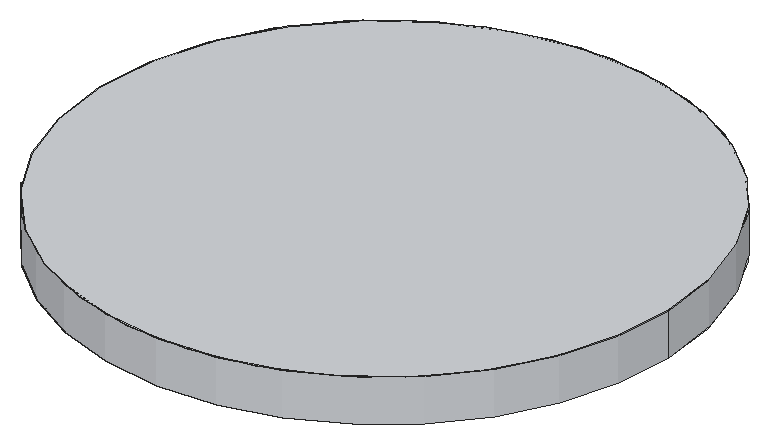
Revit family "FK072-40x3-Z", category Furniture, Revit 2019
Family settings
  OmniClass Number = 23.40.20.00
  OmniClass Title = General Furniture and Specialties
  Work Plane-Based = No
  Always vertical = Yes
  Cut with Voids When Loaded = No
  Shared = No
  Room Calculation Point = No
Parameters (values of type "FK072-40x3-Z")
  URL = "https://fomcore.com/"
  Type Comments = "Lotus Series"  # constant formula
  Side = none
  Seat = none
  Model = "FK072-40x3-Z"
  Manufacturer = "Fomcore"  # constant formula
  Description = "3\" Full Moon Floor Pad, 40\"Dx3\"H, Zippered (Minimum Order of 10 Quantity)"
Reference planes (in)
  plane 1 "Center Front/Back": y = 0
  plane 2: z = 0
  plane 3 "Center Left/Right": x = 0
Forms (in)
  Blend 1, solid, material <- "Seat"
    base sketch origin (0, 0, 0) x (1, 0, 0) y (0, 1, 0)
      loop
        circle (0, 0) r 20
    top sketch origin (0, 0, 0) x (1, 0, 0) y (0, 1, 0)
      loop
        circle (0, 0) r 19.90268
    from 3 to 2.8811
  Blend 2, solid, material <- "Seat"
    base sketch origin (0, 0, 3) x (0, -1, 0) y (1, 0, 0)
      loop
        circle (0, 0) r 20
    top sketch origin (0, 0, 3) x (0, -1, 0) y (1, 0, 0)
      loop
        circle (0, 0) r 19.90268
    from -3 to -2.90715
  Sweep 3, solid, material <- "Side"
    path origin (0, 0, 0) x (1, 0, 0) y (0, 1, 0)
      loop
        circle (0, 0) r 20
    profile origin (0, -20, 0) x (0, -1, 0) y (0, 0, 1)
      loop
        line (0, 0) -> (0, 3) -> (-0.05812, 2.78309) -> (-0.05812, 0.25765) -> (0, 0)
Dimensions and locks (in)
  aligned and locked: level to plane 2
